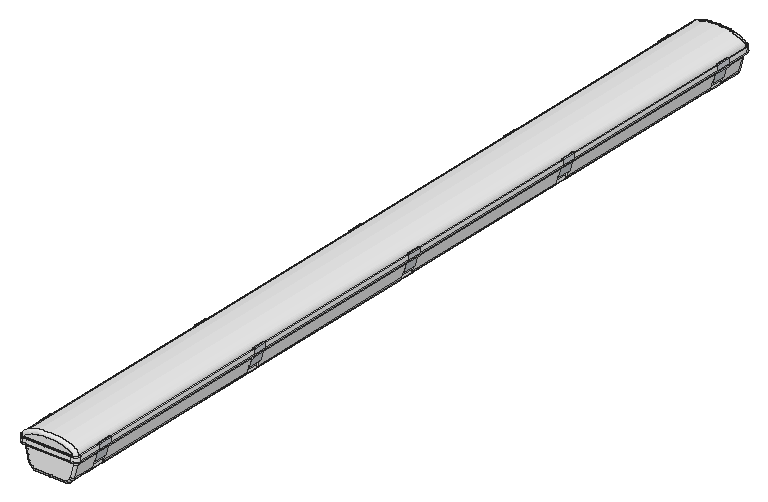
Revit family "0068069", category Lighting Fixtures, host Face, Revit 2017
Family settings
  Host = Face
  Round Connector Dimension = Use Diameter
  Part Type = Normal
  OmniClass Number = 23.80.70.11.14
  OmniClass Title = General Luminaries, Directional
  Cut with Voids When Loaded = Yes
  Light Source = Yes
  Shared = No
  Room Calculation Point = No
Parameters (values of type "0068069 ST WTRPRF GRP T 1500 HO IP65 8300LM 840")
  Width = 110 mm
  Weight = "2.71 kg"
  Wattage Comments = "n/a"
  Wattage = 67 W
  WarrantyStartDate [instance] = "n/a"
  WarrantyGuarantorParts = "n/a"
  WarrantyDurationUnit = "n/a"
  WarrantyDurationParts = "n/a"
  WarrantyDescription = "n/a"
  built-in parameter 1150110 = 1 (stored number, unit not read)
  Voltage = 0 V
  URL = "http://www.sylvania-lighting.com"
  TypeName = "START Waterproof GRP Twin 1500 HO IP65 8300lm 840"
  Type Image = <None>
  Type Comments = "n/a"
  built-in parameter 1114217 = 1 (stored number, unit not read)
  Tilt Angle = -90.00°
  built-in parameter 1150109 = 1 (stored number, unit not read)
  built-in parameter 1150134 = 12
  built-in parameter 1150113 = 1 (stored number, unit not read)
  SerialNumber [instance] = "n/a"
  ReflectorMaterial = none
  PowerFactor = 0.99
  PowerConsumption = "67 W"
  Photometric Web File = "0068069.ies"
  NominalWidth = 0 mm
  NominalLength = 1578 mm
  NominalHeight = 78 mm
  Name = "START Waterproof GRP Twin 1500 HO IP65 8300lm 840"
  ModelReference = "START Waterproof GRP Twin 1500 HO IP65 8300lm 840"
  ModelNumber = "0068069"
  Model = "START Waterproof GRP Twin 1500 HO IP65 8300lm 840"
  Material = "composite material housing, pc polycarbonate diffuser"
  ManufacturerName = "Feilo Sylvania"
  Manufacturer = "Feilo Sylvania"
  LuminousEfficacy = "124 lm/W"
  built-in parameter 1150105 = 661.13 (stored number, unit not read)
  Lumens = 8308 lm
  LuminaireType = ""
  built-in parameter 1150115 = 1 (stored number, unit not read)
  LightOutputRatio = "n/a"
  built-in parameter 1150137 = (empty or 0)
  built-in parameter 1150139 = (empty or 0)
  Length = 1572 mm
  LampsType = Lamp  # "LED"
  LampNominalLuminous = "8300 lm"
  LampMacAdamStep = "5"
  LampColourTemperature = "4000 K"
  LampColourRenderingIndex = "80"
  built-in parameter 1150112 = 1 (stored number, unit not read)
  built-in parameter 1150114 = 1 (stored number, unit not read)
  Lamp = "LED"
  Keynote = "16500"
  InstallationDate [instance] = "n/a"
  InputVoltage = "n/a"
  InputNominalFrequency = "n/a"
  built-in parameter 1150132 = (empty or 0)
  built-in parameter 1150102 = (empty or 0)
  built-in parameter 1150107 = 4000 (stored number, unit not read)
  built-in parameter 1150138 = (empty or 0)
  IngressProtection = "IP65"
  ImpactProtectionIndex = "IK08"
  built-in parameter 1150106 = 6.6113 (stored number, unit not read)
  IfcExportType = "IfcLightFixtureType"
  IfcExportAs = "IfcLightFixtureType"
  ExpectedLife = 50000
  Emit from Rectangle Width = Width - 20 mm  # 90 mm
  Emit from Rectangle Length = Length - 20 mm  # 1552 mm
  Emit Shape Visible in Rendering = no
  ElectricShockClassification = "Class I"
  built-in parameter 1150104 = 11.52 (stored number, unit not read)
  DurationUnit = "hours"
  DocumentationLiterature = "http://www.sylvania-lighting.com/product/en-int/products/0068069"
  DimmingControlOptions = "n/a"
  Dimming Lamp Color Temperature Shift = <None>
  DiffuserMaterial = Diffuser-Sylvania-Transparent
  Description = "Start Waterproof, integrated LED weatherproof luminaire, with UV stabilized flat diffuser and linear prisms designed to achieve uniform lit appearance, optimise light output and to reduce glare, stainless steel diffuser clips and fixing brackets for surface mounting. Glass Reinforced Plastic housing for robustness, Polycarbonate diffuser, 8300 lm, 67 W, 120 lm/W, 4000 K, drive current 1010 mA, Non dimmable,  CRI80, IP65, IK08, Class I,  nominal average life (h):50000, 1578 mm x 110 mm x 78 mm ,energy class: A++ A+ A, D-mark"
  Default Elevation = 1219.2 mm
  CreatedOn = "10/3/2019"
  CreatedBy = "@sylvania-lighting.com"
  Cost = 0
  Color Filter = 16777215
  built-in parameter 1114216 [instance] = (empty or 0)
  ClassificationValue = "EF_70_80"
  ClassificationName = "Uniclass2015"
  BodyMaterial = Body-Sylvania-Gray
  BarCode [instance] = "n/a"
  built-in parameter 1114218 = 1 (stored number, unit not read)
  built-in parameter 1150133 = 10 (stored number, unit not read)
  AssetType = "Fixed"
  AssetIdentifier [instance] = "n/a"
  Assembly Code = "D5020200"
  Apparent Load = 67 VA
  AccessoryMaterial = Diffuser-Sylvania-Glow
Reference planes
  plane 1 "Center (Front/Back)": y = 0
  plane 2: z = 0
  plane 3 "Center (Left/Right)": x = 0
  plane 4: z = 54
  plane 5: x = -27.7
  plane 6: x = -34.8
  plane 7: x = -39.6
  plane 8: x = -42.2
  plane 9: z = 3
  plane 10: z = 7.8
  plane 11: z = 12.3
  plane 12: z = 36.6
  plane 13: z = 42.8
  plane 14: x = -51.1
  plane 15: z = 46.2
  plane 16: x = -55
  plane 17: y = 786
  plane 18: y = -786
  plane 19: x = 27.7
  plane 20: x = 34.8
  plane 21: x = 39.6
  plane 22: x = 42.2
  plane 23: x = 51.1
  plane 24: x = 55
  plane 25: y = 778.4
  plane 26: y = -778.4
  plane 27: y = -774.7
  plane 28: y = 774.7
  plane 29: z = 74
  plane 30: x = -51.5
  plane 31: x = 51.5
  plane 32: z = 55.2
  plane 33: y = -782.5
  plane 34: y = 782.5
  plane 35: x = -37.5
  plane 36: x = 37.5
  plane 37: x = -48.7
  plane 38: x = 48.7
  plane 39: x = 18
  plane 40: x = -18
  plane 41: z = 50.2
  plane 42: z = 24.6
  plane 43: y = 720
  plane 44: y = 706
  plane 45: y = 734
  plane 46: y = -720
  plane 47: y = 720
  plane 48: y = 706
  plane 49: y = 734
  plane 50: y = -720
  plane 51: y = -734
  plane 52: y = -706
  plane 53: y = 360
  plane 54: y = 346
  plane 55: y = 374
  plane 56: y = 0
  plane 57: y = -14
  plane 58: y = 14
  plane 59: y = -360
  plane 60: y = -374
  plane 61: y = -346
Forms (mm)
  Sweep 1, solid, material "Body-Sylvania-Gray" <- "BodyMaterial", detail levels medium+fine
    path origin (1223.4, -4572, 54) x (0, -1, 0) y (1, 0, 0)
      loop
        arc (-3796, -1278.4) -> (-3788.929, -1275.471) -> (-3786, -1268.4) r 10
        line (-3786, -1268.4) -> (-3786, -1178.4)
        arc (-3786, -1178.4) -> (-3788.929, -1171.329) -> (-3796, -1168.4) r 10
        line (-3796, -1168.4) -> (-5348, -1168.4)
        arc (-5348, -1168.4) -> (-5355.071, -1171.329) -> (-5358, -1178.4) r 10
        line (-5358, -1178.4) -> (-5358, -1268.4)
        arc (-5358, -1268.4) -> (-5355.071, -1275.471) -> (-5348, -1278.4) r 10
        line (-5348, -1278.4) -> (-3796, -1278.4)
    profile origin (-55, 0, 54) x (-1, 0, 0) y (0, 0, 1)
      loop
        line (0, 0) -> (-1, 0) -> (-1, -7.726)
        arc (-1, -7.726) -> (-1.994, -9.498) -> (-3.9, -10.2) r 2.937
        line (-3.9, -10.2) -> (-8.571, -10.2) -> (-8.571, -11.2) -> (-3.9, -11.2)
        arc (-3.9, -11.2) -> (-1.313, -10.231) -> (0, -7.8) r 3.937
        line (0, -7.8) -> (0, 0)
  Sweep 2, solid, material "Body-Sylvania-Gray" <- "BodyMaterial", detail levels medium+fine
    path origin (0, 0, 0) x (1, 0, 0) y (0, 0, 1)
      loop
        line (48.7, 42.8) -> (48.7, 36.6) -> (42.203, 12.31)
        arc (42.203, 12.31) -> (41.199, 9.884) -> (39.6, 7.8) r 10.052
        line (39.6, 7.8) -> (34.8, 3)
        arc (34.8, 3) -> (31.554, 0.781) -> (27.7, 0) r 9.902
        line (27.7, 0) -> (0, 0) -> (-27.7, 0)
        arc (-27.7, 0) -> (-31.554, 0.781) -> (-34.8, 3) r 9.902
        line (-34.8, 3) -> (-39.6, 7.8)
        arc (-39.6, 7.8) -> (-41.199, 9.884) -> (-42.203, 12.31) r 10.052
        line (-42.203, 12.31) -> (-48.7, 36.6) -> (-48.7, 42.8)
    profile origin (0, 0, 0) x (0, 0, -1) y (0, -1, 0)
      loop
        arc (0, 773.4) -> (-1.464, 776.936) -> (-5, 778.4) r 5
        line (-5, 778.4) -> (-7.8, 778.4) -> (-7.8, -778.4) -> (-5, -778.4)
        arc (-5, -778.4) -> (-1.464, -776.936) -> (0, -773.4) r 5
        line (0, -773.4) -> (0, 773.4)
  Extrusion 3, solid, material "Body-Sylvania-Gray" <- "BodyMaterial", detail levels medium+fine
    sketch origin (1524, 778.4, 1219.2) x (1, 0, 0) y (0, 0, 1)
      loop
        arc (-1558.668, -1204.874) -> (-1558.443, -1205.418) -> (-1558.085, -1205.885) r 2.252
        line (-1558.085, -1205.885) -> (-1553.231, -1210.738)
        arc (-1553.231, -1210.738) -> (-1552.534, -1211.227) -> (-1551.7, -1211.4) r 2.102
        line (-1551.7, -1211.4) -> (-1496.3, -1211.4)
        arc (-1496.3, -1211.4) -> (-1495.466, -1211.227) -> (-1494.769, -1210.738) r 2.102
        line (-1494.769, -1210.738) -> (-1489.915, -1205.885)
        arc (-1489.915, -1205.885) -> (-1489.557, -1205.418) -> (-1489.332, -1204.874) r 2.252
        line (-1489.332, -1204.874) -> (-1483.1, -1181.575) -> (-1483.1, -1176.4) -> (-1564.9, -1176.4) -> (-1564.9, -1181.575) -> (-1558.668, -1204.874)
    from 0 to 1556.8
  Sweep 4, solid, material "Diffuser-Sylvania-Transparent" <- "DiffuserMaterial", detail levels medium+fine
    path origin (0, 0, 0) x (1, 0, 0) y (0, 0, 1)
      loop
        spline (-51.5, 55.2) -> (-49.745, 60.066) -> (-44.6, 64.6) -> (-36.416, 68.494) -> (-25.75, 71.481) -> (-13.329, 73.359) -> (0, 74) -> (13.329, 73.359) -> (25.75, 71.481) -> (36.416, 68.494) -> (44.6, 64.6) -> (49.745, 60.066) -> (51.5, 55.2)
    profile origin (51.5, 0, 55.2) x (0, -1, 0) y (1, 0, 0)
      loop
        arc (782.5, -5.5) -> (780.889, -1.611) -> (777, 0) r 5.5
        line (777, 0) -> (-777, 0)
        arc (-777, 0) -> (-780.889, -1.611) -> (-782.5, -5.5) r 5.5
        line (-782.5, -5.5) -> (-782.5, -6.3) -> (-781.5, -6.3) -> (-781.5, -5.5)
        arc (-781.5, -5.5) -> (-780.182, -2.318) -> (-777, -1) r 4.5
        line (-777, -1) -> (777, -1)
        arc (777, -1) -> (780.182, -2.318) -> (781.5, -5.5) r 4.5
        line (781.5, -5.5) -> (781.5, -6.347) -> (782.5, -6.347) -> (782.5, -5.5)
  Extrusion 5, solid, material "Diffuser-Sylvania-Transparent" <- "DiffuserMaterial", detail levels medium+fine
    sketch origin (1524, -782.5, 1219.2) x (1, 0, 0) y (0, 0, 1)
      loop
        line (-1569.653, -1164) -> (-1478.347, -1164)
        spline (-1478.347, -1164) -> (-1478.969, -1162.594) -> (-1482.527, -1159.545) -> (-1489.588, -1156.201) -> (-1499.458, -1153.445) -> (-1511.242, -1151.663) -> (-1524, -1151.049) -> (-1536.758, -1151.663) -> (-1548.542, -1153.445) -> (-1558.412, -1156.201) -> (-1565.473, -1159.545) -> (-1569.031, -1162.594) -> (-1569.653, -1164)
    from 0 to -1
  Extrusion 6, solid, material "Diffuser-Sylvania-Transparent" <- "DiffuserMaterial", detail levels medium+fine
    sketch origin (1524, 782.5, 1219.2) x (1, 0, 0) y (0, 0, 1)
      loop
        spline (-1478.3, -1164) -> (-1478.931, -1162.565) -> (-1482.502, -1159.505) -> (-1489.572, -1156.155) -> (-1499.446, -1153.394) -> (-1511.236, -1151.614) -> (-1524, -1151.007) -> (-1536.764, -1151.614) -> (-1548.554, -1153.394) -> (-1558.428, -1156.155) -> (-1565.498, -1159.505) -> (-1569.069, -1162.565) -> (-1569.7, -1164)
        line (-1569.7, -1164) -> (-1478.3, -1164)
    from 0 to 1
  Extrusion 7, solid, material "Diffuser-Sylvania-Transparent" <- "DiffuserMaterial", detail levels medium+fine
    sketch origin (1223.4, -4572, 55.2) x (0, -1, 0) y (-1, 0, 0)
      loop
        arc (-5353.5, 1177.4) -> (-5352.182, 1174.218) -> (-5349, 1172.9) r 4.5
        line (-5349, 1172.9) -> (-3795, 1172.9)
        arc (-3795, 1172.9) -> (-3791.818, 1174.218) -> (-3790.5, 1177.4) r 4.5
        line (-3790.5, 1177.4) -> (-3790.5, 1269.4)
        arc (-3790.5, 1269.4) -> (-3791.818, 1272.582) -> (-3795, 1273.9) r 4.5
        line (-3795, 1273.9) -> (-5349, 1273.9)
        arc (-5349, 1273.9) -> (-5352.182, 1272.582) -> (-5353.5, 1269.4) r 4.5
        line (-5353.5, 1269.4) -> (-5353.5, 1177.4)
      loop
        line (-5358, 1268.4) -> (-5358, 1178.4)
        arc (-5358, 1178.4) -> (-5355.071, 1171.329) -> (-5348, 1168.4) r 10
        line (-5348, 1168.4) -> (-3796, 1168.4)
        arc (-3796, 1168.4) -> (-3788.929, 1171.329) -> (-3786, 1178.4) r 10
        line (-3786, 1178.4) -> (-3786, 1268.4)
        arc (-3786, 1268.4) -> (-3788.929, 1275.471) -> (-3796, 1278.4) r 10
        line (-3796, 1278.4) -> (-5348, 1278.4)
        arc (-5348, 1278.4) -> (-5355.071, 1275.471) -> (-5358, 1268.4) r 10
    from 0 to 1.2
  Extrusion 8, solid, material "Diffuser-Sylvania-Glow" <- "AccessoryMaterial", detail levels fine
    sketch origin (0, 0, 0) x (1, 0, 0) y (0, 0, 1)
      loop
        circle (-18, 50.2) r 8
      loop
        circle (18, 50.2) r 8
    from -774.7 to 774.7
  Extrusion 9, void
    sketch origin (0, 720, 2343.807) x (0, 0, -1) y (-1, 0, 0)
      loop
        line (2340.807, -37.5) -> (2331.507, -37.5) -> (2319.207, -42.2) -> (2319.207, -48.7) -> (2340.807, -48.7) -> (2340.807, -37.5)
      loop
        line (2340.807, 37.5) -> (2340.807, 48.7) -> (2319.207, 48.7) -> (2319.207, 42.2) -> (2331.507, 37.5) -> (2340.807, 37.5)
    from -14 to 14
  Extrusion 10, solid, material "Body-Sylvania-Gray" <- "BodyMaterial", detail levels coarse
    sketch origin (0, 0, 0) x (1, 0, 0) y (0, 0, 1)
      loop
        line (55, 42.8) -> (55, 55.2) -> (-55, 55.2) -> (-55, 42.791) -> (-42.2, 0) -> (42.2, 0) -> (55, 42.8)
    from -786 to 786
  Extrusion 11, solid, material "Diffuser-Sylvania-Transparent" <- "DiffuserMaterial", detail levels coarse
    sketch origin (0, 0, 0) x (1, 0, 0) y (0, 0, 1)
      loop
        arc (51.5, 55.2) -> (0, 74) -> (-51.5, 55.2) r 79.939
        line (-51.5, 55.2) -> (51.5, 55.2)
    from 778.4 to -778.4
  Extrusion 12, void, not visible
    sketch origin (0, 720, 2343.807) x (0, 0, -1) y (-1, 0, 0)
      loop
        line (2340.807, -37.5) -> (2331.507, -37.5) -> (2319.207, -42.2) -> (2319.207, -48.7) -> (2340.807, -48.7) -> (2340.807, -37.5)
      loop
        line (2340.807, 37.5) -> (2340.807, 48.7) -> (2319.207, 48.7) -> (2319.207, 42.2) -> (2331.507, 37.5) -> (2340.807, 37.5)
    from -14 to 14
  Extrusion 13, void
    sketch origin (0, -720, 2343.807) x (0, 0, -1) y (-1, 0, 0)
      loop
        line (2340.807, -37.5) -> (2331.507, -37.5) -> (2319.207, -42.2) -> (2319.207, -48.7) -> (2340.807, -48.7) -> (2340.807, -37.5)
      loop
        line (2340.807, 37.5) -> (2340.807, 48.7) -> (2319.207, 48.7) -> (2319.207, 42.2) -> (2331.507, 37.5) -> (2340.807, 37.5)
    from -14 to 14
  Extrusion 14, void
    sketch origin (0, 360, 2343.807) x (0, 0, -1) y (-1, 0, 0)
      loop
        line (2340.807, -37.5) -> (2331.507, -37.5) -> (2319.207, -42.2) -> (2319.207, -48.7) -> (2340.807, -48.7) -> (2340.807, -37.5)
      loop
        line (2340.807, 37.5) -> (2340.807, 48.7) -> (2319.207, 48.7) -> (2319.207, 42.2) -> (2331.507, 37.5) -> (2340.807, 37.5)
    from -14 to 14
  Extrusion 15, void
    sketch origin (0, 0, 2343.807) x (0, 0, -1) y (-1, 0, 0)
      loop
        line (2340.807, -37.5) -> (2331.507, -37.5) -> (2319.207, -42.2) -> (2319.207, -48.7) -> (2340.807, -48.7) -> (2340.807, -37.5)
      loop
        line (2340.807, 37.5) -> (2340.807, 48.7) -> (2319.207, 48.7) -> (2319.207, 42.2) -> (2331.507, 37.5) -> (2340.807, 37.5)
    from -14 to 14
  Extrusion 16, void
    sketch origin (0, -360, 2343.807) x (0, 0, -1) y (-1, 0, 0)
      loop
        line (2340.807, -37.5) -> (2331.507, -37.5) -> (2319.207, -42.2) -> (2319.207, -48.7) -> (2340.807, -48.7) -> (2340.807, -37.5)
      loop
        line (2340.807, 37.5) -> (2340.807, 48.7) -> (2319.207, 48.7) -> (2319.207, 42.2) -> (2331.507, 37.5) -> (2340.807, 37.5)
    from -14 to 14
Cuts and joins
  Extrusion 9, Extrusion 13, Extrusion 14, Extrusion 15, Extrusion 16 cuts Sweep 2
  Extrusion 13, Extrusion 14, Extrusion 15, Extrusion 16 cuts Extrusion 3
  joined: Sweep 2, Extrusion 3
  joined: Sweep 4, Extrusion 5, Extrusion 6
Dimensions and locks
  locked: plane 4 to plane 2 at 54
  plane 5 to plane 6 to plane 7 to plane 8 to plane 14 to plane 16 = 7.1 mm locked, 4.8 mm locked, 2.6 mm locked, 8.9 mm, 3.9 mm
  plane 4 to plane 15 to plane 13 to plane 12 to plane 11 to plane 10 to plane 9 = 7.8 mm locked, 3.4 mm, 6.2 mm locked, 24.3 mm locked, 4.5 mm locked, 4.8 mm locked
  equal spacing: plane 18, plane 1 "Center (Front/Back)", plane 17
  "Length": plane 18 to plane 17
  plane 19 to plane 20 to plane 21 to plane 22 to plane 23 to plane 24 = 7.1 mm locked, 4.8 mm locked, 2.6 mm locked, 8.9 mm, 3.9 mm
  equal spacing: plane 24, plane 3 "Center (Left/Right)", plane 16
  "Width": plane 24 to plane 16
  equal spacing: plane 27, plane 1 "Center (Front/Back)", plane 28
  locked: plane 26 to plane 27 at 3.7
  locked: Sweep 1 sketch curve to profile plane at 1
  locked: Sweep 1 sketch curve to plane 13 at 1
  locked: Sweep 1 sketch curve to plane 13 at 3.937  (x2)
  locked: Sweep 1 sketch curve to profile plane at 3.9  (x2)
  locked: plane 29 to plane 4 at 20
  equal spacing: plane 31, plane 3 "Center (Left/Right)", plane 30
  locked: plane 30 to plane 16 at 3.5
  locked: plane 32 to plane 4 at 1.2
  equal spacing: plane 33, plane 1 "Center (Front/Back)", plane 34
  equal spacing: plane 36, plane 3 "Center (Left/Right)", plane 35
  locked: plane 3 "Center (Left/Right)" to plane 35 at 37.5
  locked: plane 34 to plane 17 at 3.5
  equal spacing: plane 38, plane 3 "Center (Left/Right)", plane 37
  locked: plane 37 to plane 16 at 6.3
  equal spacing: plane 25, plane 1 "Center (Front/Back)", plane 26
  locked: plane 17 to plane 25 at 7.6
  locked: Sweep 2 sketch curve to plane 2 at 5  (x2)
  locked: Sweep 2 sketch curve to plane 26 at 5
  locked: plane 25 to Sweep 2 sketch curve at 5
  locked: Sweep 4 sketch curve to plane 31 at 5.5  (x2)
  locked: Sweep 4 sketch curve to plane 34 at 5.5
  plane 33 to Sweep 4 sketch curve = 5.5 mm
  locked: plane 34 to Sweep 4 sketch curve at 1
  locked: Sweep 4 sketch curve to plane 31 at 1
  locked: Sweep 4 sketch curve to Sweep 4 sketch curve at 1
  locked: Sweep 4 sketch curve to plane 31 at 6.347
  locked: Sweep 4 sketch curve to plane 31 at 6.3
  equal spacing: plane 39, plane 3 "Center (Left/Right)", plane 40
  locked: plane 3 "Center (Left/Right)" to plane 40 at 18
  locked: plane 42 to plane 2 at 24.6
  plane 45 to plane 43 to plane 44 = 14 mm locked, 14 mm locked
  locked: plane 17 to plane 43 at 66
  equal spacing: plane 43, plane 1 "Center (Front/Back)", plane 46
  plane 49 to plane 47 to plane 48 = 14 mm locked, 14 mm locked
  plane 52 to plane 50 to plane 51 = 14 mm locked, 14 mm locked  (x2)
  equal spacing: group 1, group 6, group 7, group 8, group 5  (x2)
  equal spacing: group 5, group 8, group 7, group 6, group 1
  plane 55 to plane 53 to plane 54 = 14 mm locked, 14 mm locked  (x2)
  plane 58 to plane 56 to plane 57 = 14 mm locked, 14 mm locked  (x2)
  plane 61 to plane 59 to plane 60 = 14 mm locked, 14 mm locked  (x2)
  plane 43 to plane 53 to plane 1 "Center (Front/Back)" to plane 59 to plane 50 = 360 mm locked, 360 mm locked, 360 mm locked, 360 mm locked
  aligned and locked: plane 2 to host face
  aligned and locked: level to host face
  aligned and locked: plane 16 to Sweep 1 sketch curve
  aligned and locked: Sweep 1 sketch curve to plane 24
  aligned and locked: plane 18 to Sweep 1 sketch curve
  aligned and locked: Sweep 1 sketch curve to plane 13
  aligned and locked: profile plane to Sweep 1 sketch curve
  aligned and locked: plane 3 "Center (Left/Right)" to Sweep 2 sketch curve
  aligned and locked: plane 9 to Sweep 2 sketch curve
  aligned and locked: plane 10 to Sweep 2 sketch curve
  aligned and locked: plane 37 to Sweep 2 sketch curve
  aligned and locked: plane 12 to Sweep 2 sketch curve
  aligned and locked: Sweep 2 sketch curve to level
  aligned and locked: plane 21 to Sweep 2 sketch curve
  aligned and locked: plane 38 to Sweep 2 sketch curve
  aligned and locked: profile plane to Sweep 2 sketch curve
  aligned and locked: plane 25 to Sweep 2 sketch curve
  aligned and locked: Sweep 2 sketch curve to plane 10
  aligned and locked: Extrusion 3 sketch curve to Sweep 2  (x7)
  aligned and locked: Sweep 2 to Extrusion 3 sketch curve
  aligned and locked: Extrusion 3 to plane 25
  aligned and locked: plane 26 to Extrusion 3
  aligned and locked: plane 32 to Sweep 4 sketch curve
  aligned and locked: plane 33 to Sweep 4 sketch curve
  aligned and locked: Sweep 4 to Extrusion 5
  aligned and locked: plane 33 to Extrusion 5
  aligned and locked: Extrusion 5 sketch curve to Sweep 4
  aligned and locked: cut or joined group of Sweep 4, Extrusion 5, Extrusion 6 to Extrusion 6 sketch curve
  aligned and locked: Extrusion 7 sketch curve to cut or joined group of Sweep 4, Extrusion 5, Extrusion 6  (x2)
  aligned and locked: cut or joined group of Sweep 4, Extrusion 5, Extrusion 6 to Extrusion 7 sketch curve  (x2)
  aligned and locked: plane 41 to Extrusion 8 sketch curve  (x2)
  aligned and locked: plane 39 to Extrusion 8 sketch curve
  aligned and locked: plane 27 to Extrusion 8
  aligned and locked: Extrusion 8 to plane 28
  aligned and locked: Extrusion 9 to plane 42
  aligned and locked: plane 9 to Extrusion 9
  aligned and locked: plane 44 to Extrusion 9
  aligned and locked: Extrusion 9 to plane 45
  aligned and locked: Extrusion 7 sketch curve to Sweep 1  (x4)
  aligned and locked: plane 4 to Extrusion 7
  aligned and locked: Extrusion 7 to plane 32
  aligned and locked: nested 2 to plane 43
  aligned and locked: plane 43 to nested 1
  aligned and locked: Extrusion 10 sketch curve to plane 24
  aligned and locked: Extrusion 10 sketch curve to Extrusion 7
  aligned and locked: plane 8 to Extrusion 10 sketch curve
  aligned and locked: plane 22 to Extrusion 10 sketch curve
  aligned and locked: level to Extrusion 10 sketch curve
  aligned and locked: Extrusion 10 to plane 17
  aligned and locked: plane 18 to Extrusion 10
  aligned and locked: cut or joined group of Sweep 4, Extrusion 5, Extrusion 6 to Extrusion 11 sketch curve
  aligned and locked: Extrusion 11 sketch curve to cut or joined group of Sweep 4, Extrusion 5, Extrusion 6  (x2)
  aligned and locked: plane 31 to Extrusion 11 sketch curve
  aligned and locked: plane 30 to Extrusion 11 sketch curve
  aligned and locked: plane 26 to Extrusion 11
  aligned and locked: Extrusion 11 to plane 25
  aligned and locked: imposter light to plane 29
  aligned and locked: plane 3 "Center (Left/Right)" to imposter light
  aligned and locked: plane 1 "Center (Front/Back)" to imposter light
  aligned and locked: plane 51 to Extrusion 13
  aligned and locked: Extrusion 13 to plane 52
  aligned and locked: plane 54 to Extrusion 14
  aligned and locked: Extrusion 14 to plane 55
  aligned and locked: plane 57 to Extrusion 15
  aligned and locked: Extrusion 15 to plane 58
  aligned and locked: plane 60 to Extrusion 16
  aligned and locked: Extrusion 16 to plane 61
  aligned and locked: nested 3 to plane 53
  aligned and locked: plane 53 to nested 10
  aligned and locked: nested 4 to plane 56
  aligned and locked: plane 56 to nested 9
  aligned and locked: nested 5 to plane 59
  aligned and locked: plane 59 to nested 8
  aligned and locked: nested 6 to plane 50
  aligned and locked: plane 50 to nested 7
Automatic sketch dimensions
  host sketch curve to host sketch curve = 2438.4 mm  (x2)
  plane 17 to Sweep 1 sketch curve = 0 mm
  Sweep 1 sketch curve to plane 28 = 1.3 mm
  Sweep 1 sketch curve to plane 7 = 5.4 mm
  plane 27 to Sweep 1 sketch curve = 1.3 mm  (x2)
  Sweep 1 sketch curve to Sweep 1 sketch curve = 4.671 mm
  Sweep 1 sketch curve to plane 4 = 0 mm
  Sweep 2 sketch curve to plane 7 = 0 mm
  Sweep 2 sketch curve to plane 6 = 0 mm
  Sweep 2 sketch curve to plane 5 = 0 mm
  plane 19 to Sweep 2 sketch curve = 0 mm
  Sweep 2 sketch curve to plane 9 = 0 mm
  plane 20 to Sweep 2 sketch curve = 0 mm
  Sweep 2 sketch curve to plane 12 = 0 mm
  Sweep 2 sketch curve to plane 10 = 0 mm
  Sweep 2 sketch curve to plane 13 = 0 mm  (x2)
  Sweep 2 sketch curve to plane 8 = 0.003 mm
  plane 6 to Sweep 2 sketch curve = 2.308 mm
  plane 20 to Sweep 2 sketch curve = 2.308 mm
  Sweep 2 sketch curve to plane 22 = 0.003 mm
  Sweep 2 sketch curve to plane 11 = 0.01 mm  (x2)
  Extrusion 3 sketch curve to plane 5 = 0 mm
  plane 19 to Extrusion 3 sketch curve = 0 mm
  plane 6 to Extrusion 3 sketch curve = 0.132 mm
  plane 6 to Extrusion 3 sketch curve = 0.715 mm
  Extrusion 3 sketch curve to Extrusion 3 sketch curve = 1.592 mm
  Extrusion 3 sketch curve to plane 10 = 0.662 mm  (x2)
  plane 20 to Extrusion 3 sketch curve = 2.308 mm
  plane 20 to Extrusion 3 sketch curve = 0.715 mm
  plane 20 to Extrusion 3 sketch curve = 0.132 mm
  Sweep 4 sketch curve to plane 30 = 0 mm
  Sweep 4 sketch curve to plane 3 "Center (Left/Right)" = 0 mm
  Sweep 4 sketch curve to Sweep 4 sketch curve = 0 mm  (x2)
  plane 37 to Extrusion 5 sketch curve = 3.047 mm
  Extrusion 5 sketch curve to plane 38 = 3.047 mm
  plane 37 to Extrusion 6 sketch curve = 3 mm
  Extrusion 6 sketch curve to plane 38 = 3 mm
  plane 25 to Extrusion 7 sketch curve = 1.4 mm  (x2)
  Extrusion 7 sketch curve to plane 26 = 1.4 mm  (x2)
  Extrusion 8 sketch curve to plane 40 = 0 mm
  Extrusion 9 sketch curve to Extrusion 9 sketch curve = 0 mm
  Extrusion 9 sketch curve to Extrusion 9 sketch curve = 12.3 mm  (x2)
  Extrusion 9 sketch curve to Extrusion 9 sketch curve = 9.3 mm  (x2)
  Extrusion 9 sketch curve to Extrusion 9 sketch curve = 6.5 mm
  Extrusion 9 sketch curve to Extrusion 9 sketch curve = 4.7 mm  (x2)
  Extrusion 9 sketch curve to Extrusion 9 sketch curve = 75 mm
  Extrusion 9 sketch curve to Extrusion 9 sketch curve = 11.2 mm
  Extrusion 10 sketch curve to plane 13 = 0 mm
  plane 13 to Extrusion 10 sketch curve = 0.009 mm
  Extrusion 11 sketch curve to level = 5.939 mm
  Extrusion 10 sketch curve to plane 16 = 0 mm
  Extrusion 12 sketch curve to Extrusion 12 sketch curve = 0 mm
  Extrusion 12 sketch curve to Extrusion 12 sketch curve = 12.3 mm  (x2)
  Extrusion 12 sketch curve to Extrusion 12 sketch curve = 9.3 mm  (x2)
  Extrusion 12 sketch curve to Extrusion 12 sketch curve = 6.5 mm
  Extrusion 12 sketch curve to Extrusion 12 sketch curve = 4.7 mm  (x2)
  Extrusion 12 sketch curve to Extrusion 12 sketch curve = 75 mm
  Extrusion 12 sketch curve to Extrusion 12 sketch curve = 11.2 mm
  Extrusion 13 sketch curve to Extrusion 13 sketch curve = 0 mm
  Extrusion 13 sketch curve to Extrusion 13 sketch curve = 12.3 mm  (x2)
  Extrusion 13 sketch curve to Extrusion 13 sketch curve = 9.3 mm  (x2)
  Extrusion 13 sketch curve to Extrusion 13 sketch curve = 6.5 mm
  Extrusion 13 sketch curve to Extrusion 13 sketch curve = 4.7 mm  (x2)
  Extrusion 13 sketch curve to Extrusion 13 sketch curve = 75 mm
  Extrusion 13 sketch curve to Extrusion 13 sketch curve = 11.2 mm
  Extrusion 14 sketch curve to Extrusion 14 sketch curve = 0 mm
  Extrusion 14 sketch curve to Extrusion 14 sketch curve = 12.3 mm  (x2)
  Extrusion 14 sketch curve to Extrusion 14 sketch curve = 9.3 mm  (x2)
  Extrusion 14 sketch curve to Extrusion 14 sketch curve = 6.5 mm
  Extrusion 14 sketch curve to Extrusion 14 sketch curve = 4.7 mm  (x2)
  Extrusion 14 sketch curve to Extrusion 14 sketch curve = 75 mm
  Extrusion 14 sketch curve to Extrusion 14 sketch curve = 11.2 mm
  Extrusion 15 sketch curve to Extrusion 15 sketch curve = 0 mm
  Extrusion 15 sketch curve to Extrusion 15 sketch curve = 12.3 mm  (x2)
  Extrusion 15 sketch curve to Extrusion 15 sketch curve = 9.3 mm  (x2)
  Extrusion 15 sketch curve to Extrusion 15 sketch curve = 6.5 mm
  Extrusion 15 sketch curve to Extrusion 15 sketch curve = 4.7 mm  (x2)
  Extrusion 15 sketch curve to Extrusion 15 sketch curve = 75 mm
  Extrusion 15 sketch curve to Extrusion 15 sketch curve = 11.2 mm
  Extrusion 16 sketch curve to Extrusion 16 sketch curve = 0 mm
  Extrusion 16 sketch curve to Extrusion 16 sketch curve = 12.3 mm  (x2)
  Extrusion 16 sketch curve to Extrusion 16 sketch curve = 9.3 mm  (x2)
  Extrusion 16 sketch curve to Extrusion 16 sketch curve = 6.5 mm
  Extrusion 16 sketch curve to Extrusion 16 sketch curve = 4.7 mm  (x2)
  Extrusion 16 sketch curve to Extrusion 16 sketch curve = 75 mm
  Extrusion 16 sketch curve to Extrusion 16 sketch curve = 11.2 mm
  radius of Extrusion 8 sketch curve = 8 mm  (x2)
Nested families
  nested 1: "Clip" at (42.2, 720, 24.6), type "Clip", detail levels fine
  nested 2: "Clip" at (-42.2, 720, 24.6) x (-1, 0, 0) z (0, 0, 1), type "Clip", detail levels fine
  nested 3: "Clip" at (-42.2, 360, 24.6) x (-1, 0, 0) z (0, 0, 1), type "Clip", detail levels fine
  nested 4: "Clip" at (-42.2, 0, 24.6) x (-1, 0, 0) z (0, 0, 1), type "Clip", detail levels fine
  nested 5: "Clip" at (-42.2, -360, 24.6) x (-1, 0, 0) z (0, 0, 1), type "Clip", detail levels fine
  nested 6: "Clip" at (-42.2, -720, 24.6) x (-1, 0, 0) z (0, 0, 1), type "Clip", detail levels fine
  nested 7: "Clip" at (42.2, -720, 24.6), type "Clip", detail levels fine
  nested 8: "Clip" at (42.2, -360, 24.6), type "Clip", detail levels fine
  nested 9: "Clip" at (42.2, 0, 24.6), type "Clip", detail levels fine
  nested 10: "Clip" at (42.2, 360, 24.6), type "Clip", detail levels fine
Connectors
  electrical at (0, 0, 0), driven by "Apparent Load"
    settings: index 1, voltage 230 V, apparent load 67 VA, apparent load phase1 0 VA, apparent load phase2 0 VA, apparent load phase3 0 VA, power factor 0, load classification "Lighting", number of poles 1, system type 30, power factor state 1, is connector primary yes, connector utility no, sub classification motor no, connector description ""
Definition of nested family "Clip"
  Parameters (values of type "Clip")
    URL = "http://www.feilosylvania.com"
    Type Comments = "n/a"
    Model = "n/a"
    Manufacturer = "Feilo Sylvania"
    Keynote = "n/a"
    Description = "n/a"
    Default Elevation = 1219.2 mm
    Cost = 0
    BodyMaterial = none
    Assembly Code = "n/a"
  Reference planes
    plane 1 "Center (Front/Back)": y = 0
    plane 2: z = 0
    plane 3 "Center (Left/Right)": x = 0
    plane 4: x = 3.3
    plane 5: x = 6.5
    plane 6: x = 8.9
    plane 7: x = 12.8
    plane 8: z = 12
    plane 9: z = 18.2
    plane 10: z = 21.6
    plane 11: z = 30.6
    plane 12: x = 9.3
    plane 13: z = 19.2
    plane 14: z = 16.2
    plane 15: x = 10.1
    plane 16: y = 12
    plane 17: y = -12
  Forms (mm)
    Extrusion 1, solid
      sketch origin (-0.8, 0, 0) x (1, 0, 0) y (0, 1, 0)
        loop
          line (-1219.2, 1219.2) -> (-1219.2, -1219.2) -> (1219.2, -1219.2) -> (1219.2, 1219.2) -> (-1219.2, 1219.2)
      from 0 to -304.8
    Extrusion 2, solid
      sketch origin (0, 0, 0) x (1, 0, 0) y (0, 0, 1)
        loop
          line (8.9, 16.2) -> (4.58, 0) -> (0, 0) -> (0, -0.8) -> (5.195, -0.8) -> (9.603, 15.731) -> (13.6, 18.806) -> (13.6, 30.6)
          arc (13.6, 30.6) -> (11.45, 32.75) -> (9.3, 30.6) r 2.15
          line (9.3, 30.6) -> (10.1, 30.6)
          arc (10.1, 30.6) -> (11.45, 31.95) -> (12.8, 30.6) r 1.35
          line (12.8, 30.6) -> (12.8, 19.2) -> (8.9, 16.2)
      from -12 to 12
  Lines and regions (mm)
    reference lines
      curve 1: line (3.3, 0, 0) -> (6.5, 0, 12)
      curve 2: arc (8.9, 0, 18.2) -> (11.488, 0, 19.169) -> (12.8, 0, 21.6) r 3.934
  Dimensions and locks
    plane 7 to plane 6 to plane 5 to plane 4 to plane 3 "Center (Left/Right)" = 3.9 mm locked, 2.4 mm locked, 3.2 mm locked, 3.3 mm locked
    plane 11 to plane 10 to plane 9 to plane 8 to plane 2 = 9 mm locked, 3.4 mm locked, 6.2 mm locked, 12 mm locked
    locked: plane 7 to plane 12 at 3.5
    locked: plane 13 to plane 9 at 1
    locked: plane 9 to plane 14 at 2
    locked: plane 15 to plane 12 at 0.8
    locked: plane 2 to Extrusion 2 sketch curve at 0.8
    locked: Extrusion 2 sketch curve to Extrusion 2 sketch curve at 0.8  (x3)
    locked: plane 7 to Extrusion 2 sketch curve at 1.35
    equal spacing: plane 17, plane 1 "Center (Front/Back)", plane 16
    locked: plane 1 "Center (Front/Back)" to plane 16 at 12
    aligned and locked: plane 2 to Extrusion 1
    aligned and locked: level to Extrusion 1
    aligned and locked: plane 4 to curve 1
    aligned and locked: plane 5 to curve 1
    aligned and locked: plane 6 to curve 2
    aligned and locked: plane 10 to curve 2
    aligned and locked: plane 14 to Extrusion 2 sketch curve
    aligned and locked: plane 13 to Extrusion 2 sketch curve
    aligned and locked: plane 7 to Extrusion 2 sketch curve
    aligned and locked: plane 3 "Center (Left/Right)" to Extrusion 2 sketch curve
    aligned and locked: Extrusion 2 sketch curve to level
    aligned and locked: Extrusion 2 sketch curve to plane 11
    aligned and locked: plane 11 to Extrusion 2 sketch curve
    aligned and locked: Extrusion 2 to plane 16
    aligned and locked: plane 17 to Extrusion 2
  Automatic sketch dimensions
    Extrusion 1 sketch curve to Extrusion 1 sketch curve = 2438.4 mm  (x2)
    curve 2 to plane 7 = 0 mm
    curve 1 to level = 0 mm
    curve 1 to plane 8 = 0 mm
    curve 2 to plane 9 = 0 mm
    plane 6 to curve 2 = 0.002 mm
    Extrusion 2 sketch curve to Extrusion 2 sketch curve = 0 mm
    Extrusion 2 sketch curve to plane 6 = 0 mm
    plane 4 to Extrusion 2 sketch curve = 1.28 mm
